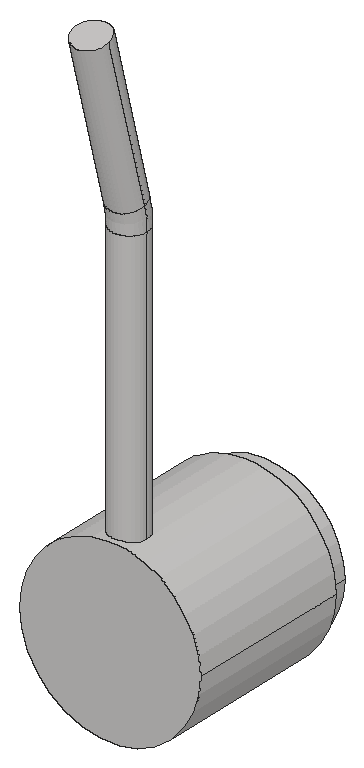
Revit family "NR17L", category Generic Models, Revit 2012
Parameters
  e-mail = "info@vola.com"
  URL = "http://vola.com"
  Telephone = "+45 7023 5500"
  Quality management standard = "ISO 9001"
  Organisation no. / DUNS no. = "17531328"
  Occupational health and safety management standard = "ISO 18001"
  Mounting Instructions = "http://vola.com/service/producturl.ashx?name=NR17L"
  Model = "NR17L"
  Materials and components information = "http://vola.com/service/producturl.ashx?name=NR17L"
  Manufacturer = "VOLA A/S"
  Maintenance Instructions = "http://vola.com/service/producturl.ashx?name=NR17L"
  Guarantee = "2 years"
  Environmental management standard = "ISO 14000"
  Connection - All relevant connections = ""
  Approvals = "http://vola.com/service/producturl.ashx?name=NR17L"
Reference planes
  plane 1 "Center (Front/Back)": y = 0
  plane 2: z = 0
  plane 3 "Center (Left/Right)": x = 0
Forms (mm)
  Extrusion 1, solid, material "Stainless Steel"
    sketch origin (0, 0, 0) x (1, 0, 0) y (0, 0, 1)
      loop
        circle (0, 0) r 20
    from 5 to 42.5
  Extrusion 2, solid, material "Stainless Steel"
    sketch origin (0, 0, 0) x (1, 0, 0) y (0, 0, 1)
      loop
        circle (0, 0) r 18
    from 0 to 5
  Sweep 3, solid, material "Stainless Steel"
    path origin (0, 1.5, 0) x (0, 1, 0) y (0, 0, 1)
      loop
        line (-38.75, 0) -> (-38.75, 80.73)
        arc (-38.75, 80.73) -> (-38.934, 83.537) -> (-39.483, 86.295) r 21.5
        line (-39.483, 86.295) -> (-49.318, 123)
    profile origin (0, -37.25, 40.365) x (0, -1, 0) y (1, 0, 0)
      loop
        circle (0, 0) r 4
Cuts and joins
  joined: Extrusion 1, Sweep 3
Dimensions and locks
  aligned and locked: plane 2 to level
